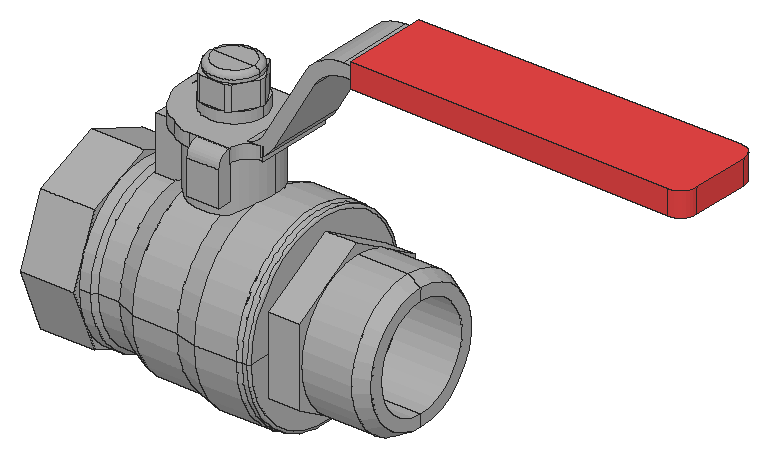
Revit family "QA01520000", category Apparecchi idraulici, Revit 2016
Family settings
  Tipo di parte = Normale
  Quota connettore circolare = Usa diametro
  Numero OmniClass = 23.45.00.00
  Titolo OmniClass = Sanitary, Laundry, and Cleaning Equipment
  Basato su piano di lavoro = No
  Sempre verticale = Sì
  Taglio con vuoti quando caricato = No
  Condiviso = No
  Punto di calcolo locali = No
Parameters
  URL = "https://web.cimberio.it/index.php/figura/795?subcategoria_id=42417"
  DN Model [instance] = QA01521020 : QA01521020
  DN [instance] = 19 mm
Reference planes
  plane 1 "Centro (Fronte/Retro)": y = 0
  plane 2: z = 0
  plane 3 "Centro (Sinistra/Destra)": x = 0
Dimensions and locks
  aligned and locked: level to plane 2
Nested families
  nested 1: "QA01521020" at (0, 0, 0), type <- "DN Model", type "QA01521020"
  nested 2: "QA01521020" at (0, 0, 0), type <- "DN Model", type "QA01521020"
  nested 3: "QA01521020" at (0, 0, 0), type <- "DN Model", type "QA01521020"
Connectors
  piping at (35.1, 0, 0), diameter 19, driven by "DN"
    settings: on nested 1, index 1, connector inside diameter 609.6 mm, connector length 0 mm, flow factor 0, pipe flow 0.0 L/s, pressure drop 0.0 Pa, fitting loss kfactor 0, connector angle 0.00°, fixture units 0, engagement length 0 mm, angle of deflection 0.00°, flow configuration 0, flow direction 0, fitting loss method 0, system type 7, joint type 0, gender type 0, connector reference index -1, connector utility 0, adjustable connector no, is connector primary yes, connector description ""
  piping at (-26.75, 0, 0), diameter 19, driven by "DN"
    settings: on nested 1, index 2, connector inside diameter 609.6 mm, connector length 0 mm, flow factor 0, pipe flow 0.0 L/s, pressure drop 0.0 Pa, fitting loss kfactor 0, connector angle 0.00°, fixture units 0, engagement length 0 mm, angle of deflection 0.00°, flow configuration 0, flow direction 0, fitting loss method 0, system type 7, joint type 0, gender type 0, connector reference index -1, connector utility 0, adjustable connector no, is connector primary no, connector description ""
Definition of nested family "QA01521020"
  Reference planes
    plane 1 "Centro (Fronte/Retro)": y = 0
    plane 2: z = 0
    plane 3 "Centro (Sinistra/Destra)": x = 0
  Forms (mm)
    Revolve 1, solid
      sketch origin (0, 0, 0.033) x (0, 1, 0) y (-1, 0, 0)
        loop
          line (9.5, 16.75) -> (9.5, -17.1) -> (17.25, -17.1)
          arc (17.25, -17.1) -> (17.604, -16.954) -> (17.75, -16.6) r 0.5
          line (17.75, -16.6) -> (17.75, -15.612) -> (18, -14.842) -> (18, -7) -> (16.85, -2.708) -> (16.85, 5.55) -> (14.75, 9.75) -> (14.75, 13.75) -> (15.5, 14.5) -> (15.5, 16.75) -> (9.5, 16.75)
        axis (0, 16.75) -> (0, -17.1)
      angle from 0 to 360
    Revolve 2, solid
      sketch origin (0, 0, 6.562) x (1, 0, 0) y (0, 0, 1)
        loop
          line (0.073, 22.3) -> (-7, 22.3) -> (-7, 21) -> (-7.603, 20.397) -> (-7.603, 9.236) -> (0.073, 9.236) -> (0.073, 22.3)
        axis (0.073, 9.236) -> (0.073, 22.3)
      angle from 0 to 360
    Extrusion 3, solid
      sketch origin (0, 0, 6.562) x (1, 0, 0) y (0, 0, 1)
        loop
          line (-13.5, 18.151) -> (-13.5, 7.779) -> (-6.565, 7.779) -> (-6.565, 18.151) -> (-13.5, 18.151)
      from -1.5 to 1.5
    Revolve 4, solid
      sketch origin (0, 0, 3.713) x (1, 0, 0) y (0, 0, 1)
        loop
          line (0.001, 34.3) -> (0.001, 32.46) -> (4.75, 32.46) -> (4.75, 33.3)
          arc (4.75, 33.3) -> (4.457, 34.007) -> (3.751, 34.3) r 1
          line (3.751, 34.3) -> (0.001, 34.3)
        axis (0, 34.3) -> (0, 32.46)
      angle from 0 to 360
    Extrusion 5, solid
      sketch origin (0, 0, 54.029) x (0, 1, 0) y (-1, 0, 0)
        loop
          line (0.518, -5.473) -> (4.504, -3.172)
          arc (4.504, -3.172) -> (4.866, -2.81) -> (4.998, -2.315) r 0.989
          line (4.998, -2.315) -> (4.998, 2.303)
          arc (4.998, 2.303) -> (4.863, 2.807) -> (4.494, 3.177) r 1.009
          line (4.494, 3.177) -> (0.498, 5.484)
          arc (0.498, 5.484) -> (0, 5.617) -> (-0.498, 5.484) r 0.995
          line (-0.498, 5.484) -> (-4.517, 3.163)
          arc (-4.517, 3.163) -> (-4.869, 2.811) -> (-4.998, 2.329) r 0.963
          line (-4.998, 2.329) -> (-4.998, -2.293)
          arc (-4.998, -2.293) -> (-4.861, -2.807) -> (-4.485, -3.183) r 1.027
          line (-4.485, -3.183) -> (-0.518, -5.473)
          arc (-0.518, -5.473) -> (0, -5.612) -> (0.518, -5.473) r 1.037
      from -22.016 to -17.516
    Extrusion 6, solid
      sketch origin (-16, 0, 0) x (0, 0, 1) y (0, 1, 0)
        loop
          circle (0, 0) r 9.967
        loop
          line (16.7, 0) -> (11.809, 11.809) -> (0, 16.7) -> (-11.809, 11.809) -> (-16.7, 0) -> (-11.809, -11.809) -> (0, -16.7) -> (11.809, -11.809) -> (16.7, 0)
      from 0.75 to 10.75
    Extrusion 7, solid
      sketch origin (0, 0, 0) x (0, 1, 0) y (0, 0, 1)
        loop
          circle (0, 0) r 9.967
        loop
          line (0, 15) -> (-13.499, 7.206) -> (-13.499, -7.206) -> (0, -15) -> (13.485, -7.215) -> (13.485, 7.215) -> (0, 15)
      from 17.1 to 23.1
    Revolve 8, solid
      sketch origin (0, 0, 0) x (1, 0, 0) y (0, 0, 1)
        loop
          line (35.1, 11.695) -> (32.623, 13.125) -> (23.127, 13.125) -> (23.127, 9.5) -> (35.1, 9.5) -> (35.1, 11.695)
        axis (35.1, 0) -> (23.127, 0)
      angle from 0 to 360
    Extrusion 9, solid
      sketch origin (0, 0, 49.529) x (0, 1, 0) y (-1, 0, 0)
        loop
          line (-10.505, -0.08) -> (-10.505, -7.6)
          arc (-10.505, -7.6) -> (-7.916, -8.445) -> (-7, -11.01) r 3.092
          line (-7, -11.01) -> (7.6, -11.01) -> (7.6, 10.215) -> (-0.037, 10.215)
          arc (-0.037, 10.215) -> (-2.064, 9.882) -> (-3.919, 9) r 7.344
          arc (-3.919, 9) -> (-6.898, 7.04) -> (-9, 4.159) r 10
          arc (-9, 4.159) -> (-10.117, 2.169) -> (-10.505, -0.08) r 6.724
      from -22.016 to -19.516
    Extrusion 10, solid
      sketch origin (0, 0, 49.529) x (0, 1, 0) y (-1, 0, 0)
        loop
          circle (0, -0.001) r 5.5
      from -19.516 to -17.516
    Extrusion 11, solid
      sketch origin (0, 0, -0.787) x (1, 0, 0) y (0, 0, 1)
        loop
          arc (-9, 30.8) -> (-11.475, 29.775) -> (-12.5, 27.3) r 3.5
          line (-12.5, 27.3) -> (-12.5, 21.834) -> (-10, 21.834) -> (-10, 27.3)
          arc (-10, 27.3) -> (-9.707, 28.007) -> (-9, 28.3) r 1
          line (-9, 28.3) -> (-9, 30.8)
      from -7.6 to -1.6
    Extrusion 12, solid
      sketch origin (-16, 0, -0.787) x (0, 0, 1) y (0, 1, 0)
        loop
          line (30.8, -10.505) -> (21.834, -10.505) -> (21.834, -12.97) -> (28.334, -12.97)
          arc (28.334, -12.97) -> (30.078, -12.248) -> (30.8, -10.505) r 2.466
      from -23.6 to -17.6
    Extrusion 13, solid
      sketch origin (0, 0, -0.787) x (1, 0, 0) y (0, 0, 1)
        loop
          arc (11.01, 32.55) -> (9.729, 31.269) -> (7.979, 30.8) r 3.5
          line (7.979, 30.8) -> (7.979, 28.3)
          arc (7.979, 28.3) -> (10.981, 29.105) -> (13.177, 31.303) r 6
          line (13.177, 31.303) -> (20.968, 44.797)
          arc (20.968, 44.797) -> (23.164, 46.995) -> (26.166, 47.8) r 6
          line (26.166, 47.8) -> (28.032, 47.8) -> (28.032, 50.3) -> (26.166, 50.3)
          arc (26.166, 50.3) -> (21.916, 49.161) -> (18.805, 46.05) r 8.5
          line (18.805, 46.05) -> (11.01, 32.55)
      from -7.6 to 7
    Extrusion 14, solid
      sketch origin (0, 0, 49.529) x (0, 1, 0) y (-1, 0, 0)
        loop
          line (-7.75, -28.032) -> (-8.226, -88.008)
          arc (-8.226, -88.008) -> (-7.356, -90.145) -> (-5.226, -91.032) r 3
          line (-5.226, -91.032) -> (5.826, -91.032)
          arc (5.826, -91.032) -> (7.956, -90.145) -> (8.826, -88.008) r 3
          line (8.826, -88.008) -> (8.35, -28.032) -> (-7.75, -28.032)
      from -3.549 to 0.992
  Lines and regions (mm)
    model lines
      curve 1: line (-7.603, 0, 16.13) -> (7.75, 0, 16.13)
  Dimensions and locks
    aligned and locked: level to plane 2
